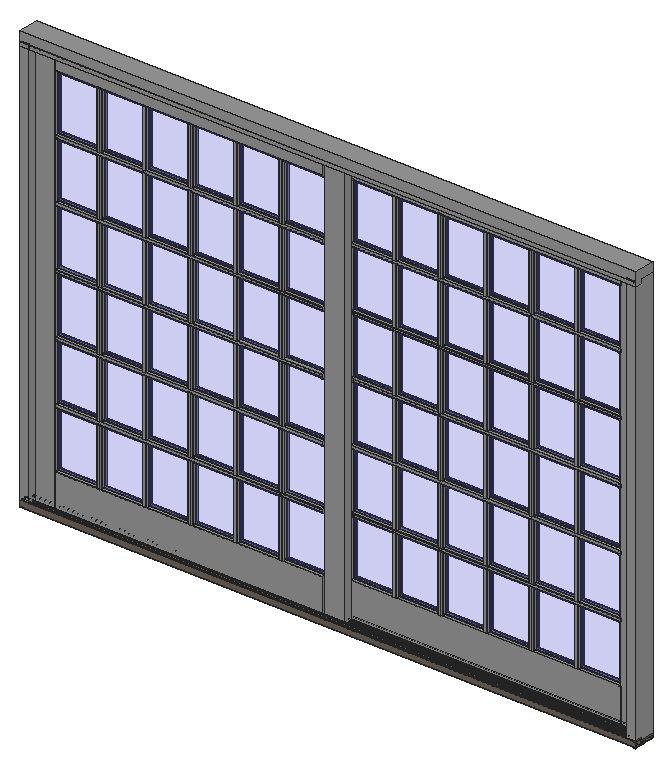
Revit family "VSDA3.0SP RH", category Doors, host Wall, Revit 2015
Parameters (values of type "VSDA3.0SP RH")
  Function = Interior
  Frame Projection Ext. = 25 mm
  Frame Projection Int. = 25 mm
  Frame Width = 75 mm
  Height = 2100 mm
  Wall Closure = By host
  Width = 3030 mm
Reference planes
  plane 1: y = 0
  plane 2 "Center (Left/Right)": x = 0
  plane 3 "Left": x = -1515
  plane 4 "Right": x = 1515
  plane 5: z = 2100
  plane 6 "Exterior": y = 75
  plane 7 "Interior": y = -75
Forms (mm)
  Extrusion 1, solid, material "Aluminium Cill (Bronze)"
    sketch origin (0, 79.18, -119.746) x (0, 1, 0) y (0, 0, 1)
      loop
        line (-26.68, 120.746) -> (-26.68, 135.746)
        arc (-26.68, 135.746) -> (-27.558, 137.867) -> (-29.68, 138.746) r 3
        line (-29.68, 138.746) -> (-40.947, 138.746)
        arc (-40.947, 138.746) -> (-42.68, 137.746) -> (-44.412, 138.746) r 2
        line (-44.412, 138.746) -> (-48.947, 138.746)
        arc (-48.947, 138.746) -> (-50.68, 137.746) -> (-52.412, 138.746) r 2
        line (-52.412, 138.746) -> (-56.947, 138.746)
        arc (-56.947, 138.746) -> (-58.68, 137.746) -> (-60.412, 138.746) r 2
        line (-60.412, 138.746) -> (-67.18, 138.746) -> (-67.18, 135.246)
        arc (-67.18, 135.246) -> (-67.619, 134.185) -> (-68.68, 133.746) r 1.5
        line (-68.68, 133.746) -> (-73.43, 133.746) -> (-73.43, 135.746) -> (-71.996, 135.746)
        arc (-71.996, 135.746) -> (-74.68, 138.746) -> (-77.363, 135.746) r 2.7
        line (-77.363, 135.746) -> (-75.93, 135.746) -> (-75.93, 133.746) -> (-80.68, 133.746)
        arc (-80.68, 133.746) -> (-81.74, 134.185) -> (-82.18, 135.246) r 1.5
        line (-82.18, 135.246) -> (-82.18, 138.746) -> (-90.432, 138.746) -> (-98.68, 138.746) -> (-98.68, 143.746)
        arc (-98.68, 143.746) -> (-99.18, 144.246) -> (-99.68, 143.746) r 0.5
        line (-99.68, 143.746) -> (-99.68, 142.734) -> (-100.88, 142.734) -> (-100.88, 150.246) -> (-99.68, 150.246) -> (-99.68, 149.246)
        arc (-99.68, 149.246) -> (-99.18, 148.746) -> (-98.68, 149.246) r 0.5
        line (-98.68, 149.246) -> (-98.68, 150.746)
        arc (-98.68, 150.746) -> (-98.972, 151.453) -> (-99.68, 151.746) r 1
        line (-99.68, 151.746) -> (-109.447, 151.746)
        arc (-109.447, 151.746) -> (-111.18, 150.746) -> (-112.912, 151.746) r 2
        line (-112.912, 151.746) -> (-117.447, 151.746)
        arc (-117.447, 151.746) -> (-119.18, 150.746) -> (-120.912, 151.746) r 2
        line (-120.912, 151.746) -> (-130.68, 151.746)
        arc (-130.68, 151.746) -> (-131.387, 151.453) -> (-131.68, 150.746) r 1
        line (-131.68, 150.746) -> (-131.68, 120.746)
        arc (-131.68, 120.746) -> (-131.387, 120.039) -> (-130.68, 119.746) r 1
        line (-130.68, 119.746) -> (-27.68, 119.746)
        arc (-27.68, 119.746) -> (-26.972, 120.039) -> (-26.68, 120.746) r 1
      loop
        line (-29.68, 137.246) -> (-40.23, 137.246)
        arc (-40.23, 137.246) -> (-42.68, 136.246) -> (-45.129, 137.246) r 3.5
        line (-45.129, 137.246) -> (-48.23, 137.246)
        arc (-48.23, 137.246) -> (-50.68, 136.246) -> (-53.129, 137.246) r 3.5
        line (-53.129, 137.246) -> (-56.23, 137.246)
        arc (-56.23, 137.246) -> (-58.68, 136.246) -> (-61.129, 137.246) r 3.5
        line (-61.129, 137.246) -> (-65.68, 137.246) -> (-65.68, 135.246)
        arc (-65.68, 135.246) -> (-66.558, 133.125) -> (-68.68, 132.246) r 3
        line (-68.68, 132.246) -> (-73.93, 132.246) -> (-73.93, 121.246) -> (-28.18, 121.246) -> (-28.18, 135.746)
        arc (-28.18, 135.746) -> (-28.619, 136.807) -> (-29.68, 137.246) r 1.5
      loop
        line (-75.43, 132.246) -> (-80.68, 132.246)
        arc (-80.68, 132.246) -> (-82.801, 133.125) -> (-83.68, 135.246) r 3
        line (-83.68, 135.246) -> (-83.68, 137.246) -> (-98.68, 137.246) -> (-98.68, 121.246) -> (-75.43, 121.246) -> (-75.43, 132.246)
      loop
        line (-100.18, 121.246) -> (-100.18, 141.246) -> (-102.38, 141.246) -> (-102.38, 150.246) -> (-108.73, 150.246)
        arc (-108.73, 150.246) -> (-111.18, 149.246) -> (-113.629, 150.246) r 3.5
        line (-113.629, 150.246) -> (-116.73, 150.246)
        arc (-116.73, 150.246) -> (-119.18, 149.246) -> (-121.629, 150.246) r 3.5
        line (-121.629, 150.246) -> (-130.18, 150.246) -> (-130.18, 121.246) -> (-100.18, 121.246)
    from -1515 to 1515
  Extrusion 2, solid, material "Lauan, Meranti"
    sketch origin (0, 0, 0) x (0, 1, 0) y (0, 0, 1)
      loop
        line (52.5, 2100) -> (-52.5, 2100) -> (-52.5, 2055) -> (-49.5, 2055) -> (-49.5, 2052) -> (-52.5, 2052) -> (-52.5, 2035) -> (-20.5, 2035) -> (-20.5, 2038.5) -> (-27.5, 2038.5) -> (-27.5, 2041.5) -> (-20.5, 2041.5) -> (-20.5, 2055) -> (32.5, 2055) -> (32.5, 2057) -> (52.5, 2057) -> (52.5, 2100)
    from -1515 to 1515
  Extrusion 3, solid, material "Lauan, Meranti"
    sketch origin (0, 0, 0) x (1, 0, 0) y (0, 1, 0)
      loop
        line (-1515, 52.5) -> (-1515, -52.5) -> (-1470, -52.5) -> (-1470, 32.5) -> (-1472, 32.5) -> (-1472, 52.5) -> (-1515, 52.5)
      loop
        line (1515, 52.5) -> (1472, 52.5) -> (1472, 32.5) -> (1470, 32.5) -> (1470, -52.5) -> (1515, -52.5) -> (1515, 52.5)
    from 32 to 2057
  Extrusion 4, solid, material "Lauan, Meranti"
    sketch origin (0, 0, 0) x (1, 0, 0) y (0, 1, 0)
      loop
        line (-1450, 32.5) -> (-1450, 52.5) -> (-1469, 52.5) -> (-1469, 49.5) -> (-1472, 49.5) -> (-1472, 32.5) -> (-1456.5, 32.5) -> (-1456.5, 39.5) -> (-1453.5, 39.5) -> (-1453.5, 32.5) -> (-1450, 32.5)
    from 2035 to 19
  Extrusion 5, solid, material "Lauan, Meranti"
    sketch origin (0, 0, 0) x (1, 0, 0) y (0, 1, 0)
      loop
        line (-1515, 52.5) -> (-1515, -19.5) -> (-1470, -19.5) -> (-1470, 32.5) -> (-1472, 32.5) -> (-1472, 52.5) -> (-1515, 52.5)
      loop
        line (1515, 52.5) -> (1472, 52.5) -> (1472, 32.5) -> (1470, 32.5) -> (1470, -19.5) -> (1515, -19.5) -> (1515, 52.5)
    from 19 to 32
  Extrusion 6, solid, material "Lauan, Meranti"
    sketch origin (280, 0, 0) x (0, 1, 0) y (0, 0, 1)
      loop
        line (52.5, 2054) -> (49.5, 2054) -> (49.5, 2057) -> (32.5, 2057) -> (32.5, 2041.5) -> (39.5, 2041.5) -> (39.5, 2038.5) -> (32.5, 2038.5) -> (32.5, 2035) -> (52.5, 2035) -> (52.5, 2054)
    from -1752 to -332.5
  Extrusion 7, solid, material "Lauan, Meranti"
    sketch origin (0, 148.121, 19) x (1, 0, 0) y (0, 1, 0)
      loop
        line (-43.5, -163.621) -> (52.5, -163.621) -> (52.5, -123.621) -> (-43.5, -123.621) -> (-43.5, -153.621) -> (-52.5, -153.621) -> (-52.5, -155.621) -> (-50.5, -155.621)
        arc (-50.5, -155.621) -> (-48.235, -160.061) -> (-43.5, -161.621) r 6.549
        line (-43.5, -161.621) -> (-43.5, -163.621)
      loop
        line (43.5, -117.121) -> (43.5, -115.121)
        arc (43.5, -115.121) -> (48.235, -113.561) -> (50.5, -109.121) r 6.549
        line (50.5, -109.121) -> (52.5, -109.121) -> (52.5, -107.121) -> (43.5, -107.121) -> (43.5, -77.121) -> (-52.5, -77.121) -> (-52.5, -117.121) -> (43.5, -117.121)
      loop
        line (-1374, -163.621) -> (-1374, -161.621)
        arc (-1374, -161.621) -> (-1369.265, -160.061) -> (-1367, -155.621) r 6.549
        line (-1367, -155.621) -> (-1365, -155.621) -> (-1365, -153.621) -> (-1374, -153.621) -> (-1374, -123.621) -> (-1470, -123.621) -> (-1470, -163.621) -> (-1374, -163.621)
      loop
        line (1374, -117.121) -> (1470, -117.121) -> (1470, -77.121) -> (1374, -77.121) -> (1374, -107.121) -> (1365, -107.121) -> (1365, -109.121) -> (1367, -109.121)
        arc (1367, -109.121) -> (1369.265, -113.561) -> (1374, -115.121) r 6.549
        line (1374, -115.121) -> (1374, -117.121)
    from 0 to 2036
  Extrusion 8, solid, material "Lauan, Meranti"
    sketch origin (1625, 46.5, 0) x (0, 1, 0) y (0, 0, 1)
      loop
        line (-15.5, 190) -> (-15.5, 19) -> (24.5, 19) -> (24.5, 190) -> (-5.5, 190) -> (-5.5, 199) -> (-7.5, 199) -> (-7.5, 197)
        arc (-7.5, 197) -> (-11.866, 194.67) -> (-13.5, 190) r 6.807
        line (-13.5, 190) -> (-15.5, 190)
      loop
        line (-7.5, 1952) -> (-7.5, 1950) -> (-5.5, 1950) -> (-5.5, 1959) -> (24.5, 1959) -> (24.5, 2055) -> (-15.5, 2055) -> (-15.5, 1959) -> (-13.5, 1959)
        arc (-13.5, 1959) -> (-11.866, 1954.33) -> (-7.5, 1952) r 6.807
      loop
        line (-15.5, 1675) -> (-15.5, 1662) -> (-13.5, 1662)
        arc (-13.5, 1662) -> (-11.866, 1657.33) -> (-7.5, 1655) r 6.807
        line (-7.5, 1655) -> (-7.5, 1653) -> (-5.5, 1653) -> (-5.5, 1662) -> (24.5, 1662) -> (24.5, 1675) -> (-5.5, 1675) -> (-5.5, 1684) -> (-7.5, 1684) -> (-7.5, 1682)
        arc (-7.5, 1682) -> (-11.866, 1679.67) -> (-13.5, 1675) r 6.807
        line (-13.5, 1675) -> (-15.5, 1675)
      loop
        line (-15.5, 1378) -> (-15.5, 1365) -> (-13.5, 1365)
        arc (-13.5, 1365) -> (-11.866, 1360.33) -> (-7.5, 1358) r 6.807
        line (-7.5, 1358) -> (-7.5, 1356) -> (-5.5, 1356) -> (-5.5, 1365) -> (24.5, 1365) -> (24.5, 1378) -> (-5.5, 1378) -> (-5.5, 1387) -> (-7.5, 1387) -> (-7.5, 1385)
        arc (-7.5, 1385) -> (-11.866, 1382.67) -> (-13.5, 1378) r 6.807
        line (-13.5, 1378) -> (-15.5, 1378)
      loop
        line (-15.5, 1081) -> (-15.5, 1068) -> (-13.5, 1068)
        arc (-13.5, 1068) -> (-11.866, 1063.33) -> (-7.5, 1061) r 6.807
        line (-7.5, 1061) -> (-7.5, 1059) -> (-5.5, 1059) -> (-5.5, 1068) -> (24.5, 1068) -> (24.5, 1081) -> (-5.5, 1081) -> (-5.5, 1090) -> (-7.5, 1090) -> (-7.5, 1088)
        arc (-7.5, 1088) -> (-11.866, 1085.67) -> (-13.5, 1081) r 6.807
        line (-13.5, 1081) -> (-15.5, 1081)
      loop
        line (-15.5, 784) -> (-15.5, 771) -> (-13.5, 771)
        arc (-13.5, 771) -> (-11.866, 766.33) -> (-7.5, 764) r 6.807
        line (-7.5, 764) -> (-7.5, 762) -> (-5.5, 762) -> (-5.5, 771) -> (24.5, 771) -> (24.5, 784) -> (-5.5, 784) -> (-5.5, 793) -> (-7.5, 793) -> (-7.5, 791)
        arc (-7.5, 791) -> (-11.866, 788.67) -> (-13.5, 784) r 6.807
        line (-13.5, 784) -> (-15.5, 784)
      loop
        line (-15.5, 487) -> (-15.5, 474) -> (-13.5, 474)
        arc (-13.5, 474) -> (-11.866, 469.33) -> (-7.5, 467) r 6.807
        line (-7.5, 467) -> (-7.5, 465) -> (-5.5, 465) -> (-5.5, 474) -> (24.5, 474) -> (24.5, 487) -> (-5.5, 487) -> (-5.5, 496) -> (-7.5, 496) -> (-7.5, 494)
        arc (-7.5, 494) -> (-11.866, 491.67) -> (-13.5, 487) r 6.807
        line (-13.5, 487) -> (-15.5, 487)
    from -1581.5 to -251
  Sweep 9, solid, material "Lauan, Meranti"
    path origin (860.605, -75, -781.763) x (1, 0, 0) y (0, 0, 1)
      loop
        line (302.475, 2740.763) -> (302.475, 2456.763) -> (513.395, 2456.763) -> (513.395, 2740.763) -> (302.475, 2740.763)
    profile origin (1268.54, -75, 1959) x (0, 0, 1) y (0, -1, 0)
      loop
        line (-9, -124.5) -> (-9, -126.5) -> (-7, -126.5)
        arc (-7, -126.5) -> (-4.67, -130.866) -> (0, -132.5) r 6.807
        line (0, -132.5) -> (0, -124.5) -> (-9, -124.5)
  Extrusion 10, solid, material "Glass"
    sketch origin (1133.125, -64.05, -73.649) x (1, 0, 0) y (0, 0, 1)
      loop
        line (240.875, 2032.649) -> (29.955, 2032.649) -> (29.955, 1748.649) -> (240.875, 1748.649) -> (240.875, 2032.649)
      loop
        line (16.955, 2032.649) -> (-193.965, 2032.649) -> (-193.965, 1748.649) -> (16.955, 1748.649) -> (16.955, 2032.649)
      loop
        line (-206.965, 2032.649) -> (-417.885, 2032.649) -> (-417.885, 1748.649) -> (-206.965, 1748.649) -> (-206.965, 2032.649)
      loop
        line (-430.885, 2032.649) -> (-641.805, 2032.649) -> (-641.805, 1748.649) -> (-430.885, 1748.649) -> (-430.885, 2032.649)
      loop
        line (-654.805, 2032.649) -> (-865.725, 2032.649) -> (-865.725, 1748.649) -> (-654.805, 1748.649) -> (-654.805, 2032.649)
      loop
        line (-878.725, 2032.649) -> (-1089.625, 2032.649) -> (-1089.625, 1748.649) -> (-878.725, 1748.649) -> (-878.725, 2032.649)
      loop
        line (240.875, 1735.649) -> (29.955, 1735.649) -> (29.955, 1451.649) -> (240.875, 1451.649) -> (240.875, 1735.649)
      loop
        line (16.955, 1735.649) -> (-193.965, 1735.649) -> (-193.965, 1451.649) -> (16.955, 1451.649) -> (16.955, 1735.649)
      loop
        line (-206.965, 1735.649) -> (-417.885, 1735.649) -> (-417.885, 1451.649) -> (-206.965, 1451.649) -> (-206.965, 1735.649)
      loop
        line (-430.885, 1735.649) -> (-641.805, 1735.649) -> (-641.805, 1451.649) -> (-430.885, 1451.649) -> (-430.885, 1735.649)
      loop
        line (-654.805, 1735.649) -> (-865.725, 1735.649) -> (-865.725, 1451.649) -> (-654.805, 1451.649) -> (-654.805, 1735.649)
      loop
        line (-878.725, 1735.649) -> (-1089.625, 1735.649) -> (-1089.625, 1451.649) -> (-878.725, 1451.649) -> (-878.725, 1735.649)
      loop
        line (240.875, 1438.649) -> (29.955, 1438.649) -> (29.955, 1154.649) -> (240.875, 1154.649) -> (240.875, 1438.649)
      loop
        line (16.955, 1438.649) -> (-193.965, 1438.649) -> (-193.965, 1154.649) -> (16.955, 1154.649) -> (16.955, 1438.649)
      loop
        line (-206.965, 1438.649) -> (-417.885, 1438.649) -> (-417.885, 1154.649) -> (-206.965, 1154.649) -> (-206.965, 1438.649)
      loop
        line (-430.885, 1438.649) -> (-641.805, 1438.649) -> (-641.805, 1154.649) -> (-430.885, 1154.649) -> (-430.885, 1438.649)
      loop
        line (-654.805, 1438.649) -> (-865.725, 1438.649) -> (-865.725, 1154.649) -> (-654.805, 1154.649) -> (-654.805, 1438.649)
      loop
        line (-878.725, 1438.649) -> (-1089.625, 1438.649) -> (-1089.625, 1154.649) -> (-878.725, 1154.649) -> (-878.725, 1438.649)
      loop
        line (240.875, 1141.649) -> (29.955, 1141.649) -> (29.955, 857.649) -> (240.875, 857.649) -> (240.875, 1141.649)
      loop
        line (16.955, 1141.649) -> (-193.965, 1141.649) -> (-193.965, 857.649) -> (16.955, 857.649) -> (16.955, 1141.649)
      loop
        line (-206.965, 1141.649) -> (-417.885, 1141.649) -> (-417.885, 857.649) -> (-206.965, 857.649) -> (-206.965, 1141.649)
      loop
        line (-430.885, 1141.649) -> (-641.805, 1141.649) -> (-641.805, 857.649) -> (-430.885, 857.649) -> (-430.885, 1141.649)
      loop
        line (-654.805, 1141.649) -> (-865.725, 1141.649) -> (-865.725, 857.649) -> (-654.805, 857.649) -> (-654.805, 1141.649)
      loop
        line (-878.725, 1141.649) -> (-1089.625, 1141.649) -> (-1089.625, 857.649) -> (-878.725, 857.649) -> (-878.725, 1141.649)
      loop
        line (240.875, 844.649) -> (29.955, 844.649) -> (29.955, 560.649) -> (240.875, 560.649) -> (240.875, 844.649)
      loop
        line (16.955, 844.649) -> (-193.965, 844.649) -> (-193.965, 560.649) -> (16.955, 560.649) -> (16.955, 844.649)
      loop
        line (-206.965, 844.649) -> (-417.885, 844.649) -> (-417.885, 560.649) -> (-206.965, 560.649) -> (-206.965, 844.649)
      loop
        line (-430.885, 844.649) -> (-641.805, 844.649) -> (-641.805, 560.649) -> (-430.885, 560.649) -> (-430.885, 844.649)
      loop
        line (-654.805, 844.649) -> (-865.725, 844.649) -> (-865.725, 560.649) -> (-654.805, 560.649) -> (-654.805, 844.649)
      loop
        line (-878.725, 844.649) -> (-1089.625, 844.649) -> (-1089.625, 560.649) -> (-878.725, 560.649) -> (-878.725, 844.649)
      loop
        line (240.875, 547.649) -> (29.955, 547.649) -> (29.955, 263.649) -> (240.875, 263.649) -> (240.875, 547.649)
      loop
        line (16.955, 547.649) -> (-193.965, 547.649) -> (-193.965, 263.649) -> (16.955, 263.649) -> (16.955, 547.649)
      loop
        line (-206.965, 547.649) -> (-417.885, 547.649) -> (-417.885, 263.649) -> (-206.965, 263.649) -> (-206.965, 547.649)
      loop
        line (-430.885, 547.649) -> (-641.805, 547.649) -> (-641.805, 263.649) -> (-430.885, 263.649) -> (-430.885, 547.649)
      loop
        line (-654.805, 547.649) -> (-865.725, 547.649) -> (-865.725, 263.649) -> (-654.805, 263.649) -> (-654.805, 547.649)
      loop
        line (-878.725, 547.649) -> (-1089.625, 547.649) -> (-1089.625, 263.649) -> (-878.725, 263.649) -> (-878.725, 547.649)
    from -112.5 to -106.1
  Extrusion 11, solid, material "Lauan, Meranti"
    sketch origin (605, 0, 0) x (1, 0, 0) y (0, 1, 0)
      loop
        line (545.08, 31) -> (558.08, 31) -> (558.08, 33)
        arc (558.08, 33) -> (562.75, 34.634) -> (565.08, 39) r 6.807
        line (565.08, 39) -> (567.08, 39) -> (567.08, 41) -> (558.08, 41) -> (558.08, 71) -> (545.08, 71) -> (545.08, 41) -> (536.08, 41) -> (536.08, 39) -> (538.08, 39)
        arc (538.08, 39) -> (540.41, 34.634) -> (545.08, 33) r 6.807
        line (545.08, 33) -> (545.08, 31)
      loop
        line (321.16, 31) -> (334.16, 31) -> (334.16, 33)
        arc (334.16, 33) -> (338.83, 34.634) -> (341.16, 39) r 6.807
        line (341.16, 39) -> (343.16, 39) -> (343.16, 41) -> (334.16, 41) -> (334.16, 71) -> (321.16, 71) -> (321.16, 41) -> (312.16, 41) -> (312.16, 39) -> (314.16, 39)
        arc (314.16, 39) -> (316.49, 34.634) -> (321.16, 33) r 6.807
        line (321.16, 33) -> (321.16, 31)
      loop
        line (97.24, 31) -> (110.24, 31) -> (110.24, 33)
        arc (110.24, 33) -> (114.91, 34.634) -> (117.24, 39) r 6.807
        line (117.24, 39) -> (119.24, 39) -> (119.24, 41) -> (110.24, 41) -> (110.24, 71) -> (97.24, 71) -> (97.24, 41) -> (88.24, 41) -> (88.24, 39) -> (90.24, 39)
        arc (90.24, 39) -> (92.57, 34.634) -> (97.24, 33) r 6.807
        line (97.24, 33) -> (97.24, 31)
      loop
        line (-126.68, 31) -> (-113.68, 31) -> (-113.68, 33)
        arc (-113.68, 33) -> (-109.01, 34.634) -> (-106.68, 39) r 6.807
        line (-106.68, 39) -> (-104.68, 39) -> (-104.68, 41) -> (-113.68, 41) -> (-113.68, 71) -> (-126.68, 71) -> (-126.68, 41) -> (-135.68, 41) -> (-135.68, 39) -> (-133.68, 39)
        arc (-133.68, 39) -> (-131.35, 34.634) -> (-126.68, 33) r 6.807
        line (-126.68, 33) -> (-126.68, 31)
      loop
        line (-350.6, 31) -> (-337.6, 31) -> (-337.6, 33)
        arc (-337.6, 33) -> (-332.93, 34.634) -> (-330.6, 39) r 6.807
        line (-330.6, 39) -> (-328.6, 39) -> (-328.6, 41) -> (-337.6, 41) -> (-337.6, 71) -> (-350.6, 71) -> (-350.6, 41) -> (-359.6, 41) -> (-359.6, 39) -> (-357.6, 39)
        arc (-357.6, 39) -> (-355.27, 34.634) -> (-350.6, 33) r 6.807
        line (-350.6, 33) -> (-350.6, 31)
    from 1675 to 1959
  Extrusion 12, solid, material "Lauan, Meranti"
    sketch origin (-605, 0, 0) x (0, 1, 0) y (0, 0, 1)
      loop
        line (-15.5, 190) -> (-15.5, 19) -> (24.5, 19) -> (24.5, 190) -> (-5.5, 190) -> (-5.5, 199) -> (-7.5, 199) -> (-7.5, 197)
        arc (-7.5, 197) -> (-11.866, 194.67) -> (-13.5, 190) r 6.807
        line (-13.5, 190) -> (-15.5, 190)
      loop
        line (-7.5, 1952) -> (-7.5, 1950) -> (-5.5, 1950) -> (-5.5, 1959) -> (24.5, 1959) -> (24.5, 2055) -> (-15.5, 2055) -> (-15.5, 1959) -> (-13.5, 1959)
        arc (-13.5, 1959) -> (-11.866, 1954.33) -> (-7.5, 1952) r 6.807
      loop
        line (-15.5, 1675) -> (-15.5, 1662) -> (-13.5, 1662)
        arc (-13.5, 1662) -> (-11.866, 1657.33) -> (-7.5, 1655) r 6.807
        line (-7.5, 1655) -> (-7.5, 1653) -> (-5.5, 1653) -> (-5.5, 1662) -> (24.5, 1662) -> (24.5, 1675) -> (-5.5, 1675) -> (-5.5, 1684) -> (-7.5, 1684) -> (-7.5, 1682)
        arc (-7.5, 1682) -> (-11.866, 1679.67) -> (-13.5, 1675) r 6.807
        line (-13.5, 1675) -> (-15.5, 1675)
      loop
        line (-15.5, 1378) -> (-15.5, 1365) -> (-13.5, 1365)
        arc (-13.5, 1365) -> (-11.866, 1360.33) -> (-7.5, 1358) r 6.807
        line (-7.5, 1358) -> (-7.5, 1356) -> (-5.5, 1356) -> (-5.5, 1365) -> (24.5, 1365) -> (24.5, 1378) -> (-5.5, 1378) -> (-5.5, 1387) -> (-7.5, 1387) -> (-7.5, 1385)
        arc (-7.5, 1385) -> (-11.866, 1382.67) -> (-13.5, 1378) r 6.807
        line (-13.5, 1378) -> (-15.5, 1378)
      loop
        line (-15.5, 1081) -> (-15.5, 1068) -> (-13.5, 1068)
        arc (-13.5, 1068) -> (-11.866, 1063.33) -> (-7.5, 1061) r 6.807
        line (-7.5, 1061) -> (-7.5, 1059) -> (-5.5, 1059) -> (-5.5, 1068) -> (24.5, 1068) -> (24.5, 1081) -> (-5.5, 1081) -> (-5.5, 1090) -> (-7.5, 1090) -> (-7.5, 1088)
        arc (-7.5, 1088) -> (-11.866, 1085.67) -> (-13.5, 1081) r 6.807
        line (-13.5, 1081) -> (-15.5, 1081)
      loop
        line (-15.5, 784) -> (-15.5, 771) -> (-13.5, 771)
        arc (-13.5, 771) -> (-11.866, 766.33) -> (-7.5, 764) r 6.807
        line (-7.5, 764) -> (-7.5, 762) -> (-5.5, 762) -> (-5.5, 771) -> (24.5, 771) -> (24.5, 784) -> (-5.5, 784) -> (-5.5, 793) -> (-7.5, 793) -> (-7.5, 791)
        arc (-7.5, 791) -> (-11.866, 788.67) -> (-13.5, 784) r 6.807
        line (-13.5, 784) -> (-15.5, 784)
      loop
        line (-15.5, 487) -> (-15.5, 474) -> (-13.5, 474)
        arc (-13.5, 474) -> (-11.866, 469.33) -> (-7.5, 467) r 6.807
        line (-7.5, 467) -> (-7.5, 465) -> (-5.5, 465) -> (-5.5, 474) -> (24.5, 474) -> (24.5, 487) -> (-5.5, 487) -> (-5.5, 496) -> (-7.5, 496) -> (-7.5, 494)
        arc (-7.5, 494) -> (-11.866, 491.67) -> (-13.5, 487) r 6.807
        line (-13.5, 487) -> (-15.5, 487)
    from -769 to 552.5
  Extrusion 13, solid, material "Glass"
    sketch origin (-889.375, -110.55, -73.649) x (1, 0, 0) y (0, 0, 1)
      loop
        line (-273.705, 2032.649) -> (-484.625, 2032.649) -> (-484.625, 1748.649) -> (-273.705, 1748.649) -> (-273.705, 2032.649)
      loop
        line (-273.705, 1735.649) -> (-484.615, 1735.649) -> (-484.615, 1451.661) -> (-273.705, 1451.661) -> (-273.705, 1735.649)
      loop
        line (-273.705, 1438.649) -> (-484.625, 1438.649) -> (-484.625, 1154.649) -> (-273.705, 1154.649) -> (-273.705, 1438.649)
      loop
        line (-273.705, 1141.649) -> (-484.615, 1141.649) -> (-484.615, 857.661) -> (-273.705, 857.661) -> (-273.705, 1141.649)
      loop
        line (-273.705, 844.649) -> (-484.615, 844.649) -> (-484.615, 560.661) -> (-273.705, 560.661) -> (-273.705, 844.649)
      loop
        line (-273.705, 547.649) -> (-484.625, 547.649) -> (-484.625, 263.649) -> (-273.705, 263.649) -> (-273.705, 547.649)
      loop
        line (-49.785, 2032.649) -> (-260.705, 2032.649) -> (-260.705, 1748.649) -> (-49.785, 1748.649) -> (-49.785, 2032.649)
      loop
        line (-49.785, 1735.649) -> (-260.695, 1735.649) -> (-260.695, 1451.661) -> (-49.785, 1451.661) -> (-49.785, 1735.649)
      loop
        line (-49.785, 1438.649) -> (-260.705, 1438.649) -> (-260.705, 1154.649) -> (-49.785, 1154.649) -> (-49.785, 1438.649)
      loop
        line (-49.785, 1141.649) -> (-260.695, 1141.649) -> (-260.695, 857.661) -> (-49.785, 857.661) -> (-49.785, 1141.649)
      loop
        line (-49.785, 844.649) -> (-260.695, 844.649) -> (-260.695, 560.661) -> (-49.785, 560.661) -> (-49.785, 844.649)
      loop
        line (-49.785, 547.649) -> (-260.705, 547.649) -> (-260.705, 263.649) -> (-49.785, 263.649) -> (-49.785, 547.649)
      loop
        line (174.135, 2032.649) -> (-36.785, 2032.649) -> (-36.785, 1748.649) -> (174.135, 1748.649) -> (174.135, 2032.649)
      loop
        line (174.135, 1735.649) -> (-36.775, 1735.649) -> (-36.775, 1451.661) -> (174.135, 1451.661) -> (174.135, 1735.649)
      loop
        line (174.135, 1438.649) -> (-36.785, 1438.649) -> (-36.785, 1154.649) -> (174.135, 1154.649) -> (174.135, 1438.649)
      loop
        line (174.135, 1141.649) -> (-36.775, 1141.649) -> (-36.775, 857.661) -> (174.135, 857.661) -> (174.135, 1141.649)
      loop
        line (174.135, 844.649) -> (-36.775, 844.649) -> (-36.775, 560.661) -> (174.135, 560.661) -> (174.135, 844.649)
      loop
        line (174.135, 547.649) -> (-36.785, 547.649) -> (-36.785, 263.649) -> (174.135, 263.649) -> (174.135, 547.649)
      loop
        line (398.055, 2032.649) -> (187.135, 2032.649) -> (187.135, 1748.649) -> (398.055, 1748.649) -> (398.055, 2032.649)
      loop
        line (398.055, 1735.649) -> (187.145, 1735.649) -> (187.145, 1451.661) -> (398.055, 1451.661) -> (398.055, 1735.649)
      loop
        line (398.055, 1438.649) -> (187.135, 1438.649) -> (187.135, 1154.649) -> (398.055, 1154.649) -> (398.055, 1438.649)
      loop
        line (398.055, 1141.649) -> (187.145, 1141.649) -> (187.145, 857.661) -> (398.055, 857.661) -> (398.055, 1141.649)
      loop
        line (398.055, 844.649) -> (187.145, 844.649) -> (187.145, 560.661) -> (398.055, 560.661) -> (398.055, 844.649)
      loop
        line (398.055, 547.649) -> (187.135, 547.649) -> (187.135, 263.649) -> (398.055, 263.649) -> (398.055, 547.649)
      loop
        line (621.975, 2032.649) -> (411.055, 2032.649) -> (411.055, 1748.649) -> (621.975, 1748.649) -> (621.975, 2032.649)
      loop
        line (621.975, 1735.649) -> (411.065, 1735.649) -> (411.065, 1451.661) -> (621.975, 1451.661) -> (621.975, 1735.649)
      loop
        line (621.975, 1438.649) -> (411.055, 1438.649) -> (411.055, 1154.649) -> (621.975, 1154.649) -> (621.975, 1438.649)
      loop
        line (621.975, 1141.649) -> (411.065, 1141.649) -> (411.065, 857.661) -> (621.975, 857.661) -> (621.975, 1141.649)
      loop
        line (621.975, 844.649) -> (411.065, 844.649) -> (411.065, 560.661) -> (621.975, 560.661) -> (621.975, 844.649)
      loop
        line (621.975, 547.649) -> (411.055, 547.649) -> (411.055, 263.649) -> (621.975, 263.649) -> (621.975, 547.649)
      loop
        line (845.895, 2032.649) -> (634.975, 2032.649) -> (634.975, 1748.649) -> (845.895, 1748.649) -> (845.895, 2032.649)
      loop
        line (845.895, 1735.649) -> (634.985, 1735.649) -> (634.985, 1451.661) -> (845.895, 1451.661) -> (845.895, 1735.649)
      loop
        line (845.895, 1438.649) -> (634.975, 1438.649) -> (634.975, 1154.649) -> (845.895, 1154.649) -> (845.895, 1438.649)
      loop
        line (845.895, 1141.649) -> (634.985, 1141.649) -> (634.985, 857.661) -> (845.895, 857.661) -> (845.895, 1141.649)
      loop
        line (845.895, 844.649) -> (634.985, 844.649) -> (634.985, 560.661) -> (845.895, 560.661) -> (845.895, 844.649)
      loop
        line (845.895, 547.649) -> (634.975, 547.649) -> (634.975, 263.649) -> (845.895, 263.649) -> (845.895, 547.649)
    from -112.5 to -106.1
  Extrusion 14, solid, material "Lauan, Meranti"
    sketch origin (-1417.5, -46.5, 0) x (1, 0, 0) y (0, 1, 0)
      loop
        line (267.42, 31) -> (267.42, 33)
        arc (267.42, 33) -> (272.09, 34.634) -> (274.42, 39) r 6.807
        line (274.42, 39) -> (276.42, 39) -> (276.42, 41) -> (267.42, 41) -> (267.42, 71) -> (254.42, 71) -> (254.42, 41) -> (245.42, 41) -> (245.42, 39) -> (247.42, 39)
        arc (247.42, 39) -> (249.75, 34.634) -> (254.42, 33) r 6.807
        line (254.42, 33) -> (254.42, 31) -> (267.42, 31)
      loop
        line (491.34, 31) -> (491.34, 33)
        arc (491.34, 33) -> (496.01, 34.634) -> (498.34, 39) r 6.807
        line (498.34, 39) -> (500.34, 39) -> (500.34, 41) -> (491.34, 41) -> (491.34, 71) -> (478.34, 71) -> (478.34, 41) -> (469.34, 41) -> (469.34, 39) -> (471.34, 39)
        arc (471.34, 39) -> (473.67, 34.634) -> (478.34, 33) r 6.807
        line (478.34, 33) -> (478.34, 31) -> (491.34, 31)
      loop
        line (715.26, 31) -> (715.26, 33)
        arc (715.26, 33) -> (719.93, 34.634) -> (722.26, 39) r 6.807
        line (722.26, 39) -> (724.26, 39) -> (724.26, 41) -> (715.26, 41) -> (715.26, 71) -> (702.26, 71) -> (702.26, 41) -> (693.26, 41) -> (693.26, 39) -> (695.26, 39)
        arc (695.26, 39) -> (697.59, 34.634) -> (702.26, 33) r 6.807
        line (702.26, 33) -> (702.26, 31) -> (715.26, 31)
      loop
        line (939.18, 31) -> (939.18, 33)
        arc (939.18, 33) -> (943.85, 34.634) -> (946.18, 39) r 6.807
        line (946.18, 39) -> (948.18, 39) -> (948.18, 41) -> (939.18, 41) -> (939.18, 71) -> (926.18, 71) -> (926.18, 41) -> (917.18, 41) -> (917.18, 39) -> (919.18, 39)
        arc (919.18, 39) -> (921.51, 34.634) -> (926.18, 33) r 6.807
        line (926.18, 33) -> (926.18, 31) -> (939.18, 31)
      loop
        line (1163.1, 31) -> (1163.1, 33)
        arc (1163.1, 33) -> (1167.77, 34.634) -> (1170.1, 39) r 6.807
        line (1170.1, 39) -> (1172.1, 39) -> (1172.1, 41) -> (1163.1, 41) -> (1163.1, 71) -> (1150.1, 71) -> (1150.1, 41) -> (1141.1, 41) -> (1141.1, 39) -> (1143.1, 39)
        arc (1143.1, 39) -> (1145.43, 34.634) -> (1150.1, 33) r 6.807
        line (1150.1, 33) -> (1150.1, 31) -> (1163.1, 31)
    from 1675 to 1959
  Sweep 15, solid, material "Lauan, Meranti"
    path origin (-1654.228, -121.5, -781.763) x (1, 0, 0) y (0, 0, 1)
      loop
        line (280.228, 2740.763) -> (280.228, 2456.763) -> (491.148, 2456.763) -> (491.148, 2740.763) -> (280.228, 2740.763)
    profile origin (-1268.54, -121.5, 1959) x (0, 0, 1) y (0, -1, 0)
      loop
        line (-9, -124.5) -> (-9, -126.5) -> (-7, -126.5)
        arc (-7, -126.5) -> (-4.67, -130.866) -> (0, -132.5) r 6.807
        line (0, -132.5) -> (0, -124.5) -> (-9, -124.5)
  Extrusion 16, solid, material "Lauan, Meranti"
    sketch origin (605, 0, -297) x (1, 0, 0) y (0, 1, 0)
      loop
        line (545.08, 31) -> (558.08, 31) -> (558.08, 33)
        arc (558.08, 33) -> (562.75, 34.634) -> (565.08, 39) r 6.807
        line (565.08, 39) -> (567.08, 39) -> (567.08, 41) -> (558.08, 41) -> (558.08, 71) -> (545.08, 71) -> (545.08, 41) -> (536.08, 41) -> (536.08, 39) -> (538.08, 39)
        arc (538.08, 39) -> (540.41, 34.634) -> (545.08, 33) r 6.807
        line (545.08, 33) -> (545.08, 31)
      loop
        line (321.16, 31) -> (334.16, 31) -> (334.16, 33)
        arc (334.16, 33) -> (338.83, 34.634) -> (341.16, 39) r 6.807
        line (341.16, 39) -> (343.16, 39) -> (343.16, 41) -> (334.16, 41) -> (334.16, 71) -> (321.16, 71) -> (321.16, 41) -> (312.16, 41) -> (312.16, 39) -> (314.16, 39)
        arc (314.16, 39) -> (316.49, 34.634) -> (321.16, 33) r 6.807
        line (321.16, 33) -> (321.16, 31)
      loop
        line (97.24, 31) -> (110.24, 31) -> (110.24, 33)
        arc (110.24, 33) -> (114.91, 34.634) -> (117.24, 39) r 6.807
        line (117.24, 39) -> (119.24, 39) -> (119.24, 41) -> (110.24, 41) -> (110.24, 71) -> (97.24, 71) -> (97.24, 41) -> (88.24, 41) -> (88.24, 39) -> (90.24, 39)
        arc (90.24, 39) -> (92.57, 34.634) -> (97.24, 33) r 6.807
        line (97.24, 33) -> (97.24, 31)
      loop
        line (-126.68, 31) -> (-113.68, 31) -> (-113.68, 33)
        arc (-113.68, 33) -> (-109.01, 34.634) -> (-106.68, 39) r 6.807
        line (-106.68, 39) -> (-104.68, 39) -> (-104.68, 41) -> (-113.68, 41) -> (-113.68, 71) -> (-126.68, 71) -> (-126.68, 41) -> (-135.68, 41) -> (-135.68, 39) -> (-133.68, 39)
        arc (-133.68, 39) -> (-131.35, 34.634) -> (-126.68, 33) r 6.807
        line (-126.68, 33) -> (-126.68, 31)
      loop
        line (-350.6, 31) -> (-337.6, 31) -> (-337.6, 33)
        arc (-337.6, 33) -> (-332.93, 34.634) -> (-330.6, 39) r 6.807
        line (-330.6, 39) -> (-328.6, 39) -> (-328.6, 41) -> (-337.6, 41) -> (-337.6, 71) -> (-350.6, 71) -> (-350.6, 41) -> (-359.6, 41) -> (-359.6, 39) -> (-357.6, 39)
        arc (-357.6, 39) -> (-355.27, 34.634) -> (-350.6, 33) r 6.807
        line (-350.6, 33) -> (-350.6, 31)
    from 1675 to 1959
  Extrusion 17, solid, material "Lauan, Meranti"
    sketch origin (605, 0, -594) x (1, 0, 0) y (0, 1, 0)
      loop
        line (545.08, 31) -> (558.08, 31) -> (558.08, 33)
        arc (558.08, 33) -> (562.75, 34.634) -> (565.08, 39) r 6.807
        line (565.08, 39) -> (567.08, 39) -> (567.08, 41) -> (558.08, 41) -> (558.08, 71) -> (545.08, 71) -> (545.08, 41) -> (536.08, 41) -> (536.08, 39) -> (538.08, 39)
        arc (538.08, 39) -> (540.41, 34.634) -> (545.08, 33) r 6.807
        line (545.08, 33) -> (545.08, 31)
      loop
        line (321.16, 31) -> (334.16, 31) -> (334.16, 33)
        arc (334.16, 33) -> (338.83, 34.634) -> (341.16, 39) r 6.807
        line (341.16, 39) -> (343.16, 39) -> (343.16, 41) -> (334.16, 41) -> (334.16, 71) -> (321.16, 71) -> (321.16, 41) -> (312.16, 41) -> (312.16, 39) -> (314.16, 39)
        arc (314.16, 39) -> (316.49, 34.634) -> (321.16, 33) r 6.807
        line (321.16, 33) -> (321.16, 31)
      loop
        line (97.24, 31) -> (110.24, 31) -> (110.24, 33)
        arc (110.24, 33) -> (114.91, 34.634) -> (117.24, 39) r 6.807
        line (117.24, 39) -> (119.24, 39) -> (119.24, 41) -> (110.24, 41) -> (110.24, 71) -> (97.24, 71) -> (97.24, 41) -> (88.24, 41) -> (88.24, 39) -> (90.24, 39)
        arc (90.24, 39) -> (92.57, 34.634) -> (97.24, 33) r 6.807
        line (97.24, 33) -> (97.24, 31)
      loop
        line (-126.68, 31) -> (-113.68, 31) -> (-113.68, 33)
        arc (-113.68, 33) -> (-109.01, 34.634) -> (-106.68, 39) r 6.807
        line (-106.68, 39) -> (-104.68, 39) -> (-104.68, 41) -> (-113.68, 41) -> (-113.68, 71) -> (-126.68, 71) -> (-126.68, 41) -> (-135.68, 41) -> (-135.68, 39) -> (-133.68, 39)
        arc (-133.68, 39) -> (-131.35, 34.634) -> (-126.68, 33) r 6.807
        line (-126.68, 33) -> (-126.68, 31)
      loop
        line (-350.6, 31) -> (-337.6, 31) -> (-337.6, 33)
        arc (-337.6, 33) -> (-332.93, 34.634) -> (-330.6, 39) r 6.807
        line (-330.6, 39) -> (-328.6, 39) -> (-328.6, 41) -> (-337.6, 41) -> (-337.6, 71) -> (-350.6, 71) -> (-350.6, 41) -> (-359.6, 41) -> (-359.6, 39) -> (-357.6, 39)
        arc (-357.6, 39) -> (-355.27, 34.634) -> (-350.6, 33) r 6.807
        line (-350.6, 33) -> (-350.6, 31)
    from 1675 to 1959
  Extrusion 18, solid, material "Lauan, Meranti"
    sketch origin (605, 0, -891) x (1, 0, 0) y (0, 1, 0)
      loop
        line (545.08, 31) -> (558.08, 31) -> (558.08, 33)
        arc (558.08, 33) -> (562.75, 34.634) -> (565.08, 39) r 6.807
        line (565.08, 39) -> (567.08, 39) -> (567.08, 41) -> (558.08, 41) -> (558.08, 71) -> (545.08, 71) -> (545.08, 41) -> (536.08, 41) -> (536.08, 39) -> (538.08, 39)
        arc (538.08, 39) -> (540.41, 34.634) -> (545.08, 33) r 6.807
        line (545.08, 33) -> (545.08, 31)
      loop
        line (321.16, 31) -> (334.16, 31) -> (334.16, 33)
        arc (334.16, 33) -> (338.83, 34.634) -> (341.16, 39) r 6.807
        line (341.16, 39) -> (343.16, 39) -> (343.16, 41) -> (334.16, 41) -> (334.16, 71) -> (321.16, 71) -> (321.16, 41) -> (312.16, 41) -> (312.16, 39) -> (314.16, 39)
        arc (314.16, 39) -> (316.49, 34.634) -> (321.16, 33) r 6.807
        line (321.16, 33) -> (321.16, 31)
      loop
        line (97.24, 31) -> (110.24, 31) -> (110.24, 33)
        arc (110.24, 33) -> (114.91, 34.634) -> (117.24, 39) r 6.807
        line (117.24, 39) -> (119.24, 39) -> (119.24, 41) -> (110.24, 41) -> (110.24, 71) -> (97.24, 71) -> (97.24, 41) -> (88.24, 41) -> (88.24, 39) -> (90.24, 39)
        arc (90.24, 39) -> (92.57, 34.634) -> (97.24, 33) r 6.807
        line (97.24, 33) -> (97.24, 31)
      loop
        line (-126.68, 31) -> (-113.68, 31) -> (-113.68, 33)
        arc (-113.68, 33) -> (-109.01, 34.634) -> (-106.68, 39) r 6.807
        line (-106.68, 39) -> (-104.68, 39) -> (-104.68, 41) -> (-113.68, 41) -> (-113.68, 71) -> (-126.68, 71) -> (-126.68, 41) -> (-135.68, 41) -> (-135.68, 39) -> (-133.68, 39)
        arc (-133.68, 39) -> (-131.35, 34.634) -> (-126.68, 33) r 6.807
        line (-126.68, 33) -> (-126.68, 31)
      loop
        line (-350.6, 31) -> (-337.6, 31) -> (-337.6, 33)
        arc (-337.6, 33) -> (-332.93, 34.634) -> (-330.6, 39) r 6.807
        line (-330.6, 39) -> (-328.6, 39) -> (-328.6, 41) -> (-337.6, 41) -> (-337.6, 71) -> (-350.6, 71) -> (-350.6, 41) -> (-359.6, 41) -> (-359.6, 39) -> (-357.6, 39)
        arc (-357.6, 39) -> (-355.27, 34.634) -> (-350.6, 33) r 6.807
        line (-350.6, 33) -> (-350.6, 31)
    from 1675 to 1959
  Extrusion 19, solid, material "Lauan, Meranti"
    sketch origin (605, 0, -1188) x (1, 0, 0) y (0, 1, 0)
      loop
        line (545.08, 31) -> (558.08, 31) -> (558.08, 33)
        arc (558.08, 33) -> (562.75, 34.634) -> (565.08, 39) r 6.807
        line (565.08, 39) -> (567.08, 39) -> (567.08, 41) -> (558.08, 41) -> (558.08, 71) -> (545.08, 71) -> (545.08, 41) -> (536.08, 41) -> (536.08, 39) -> (538.08, 39)
        arc (538.08, 39) -> (540.41, 34.634) -> (545.08, 33) r 6.807
        line (545.08, 33) -> (545.08, 31)
      loop
        line (321.16, 31) -> (334.16, 31) -> (334.16, 33)
        arc (334.16, 33) -> (338.83, 34.634) -> (341.16, 39) r 6.807
        line (341.16, 39) -> (343.16, 39) -> (343.16, 41) -> (334.16, 41) -> (334.16, 71) -> (321.16, 71) -> (321.16, 41) -> (312.16, 41) -> (312.16, 39) -> (314.16, 39)
        arc (314.16, 39) -> (316.49, 34.634) -> (321.16, 33) r 6.807
        line (321.16, 33) -> (321.16, 31)
      loop
        line (97.24, 31) -> (110.24, 31) -> (110.24, 33)
        arc (110.24, 33) -> (114.91, 34.634) -> (117.24, 39) r 6.807
        line (117.24, 39) -> (119.24, 39) -> (119.24, 41) -> (110.24, 41) -> (110.24, 71) -> (97.24, 71) -> (97.24, 41) -> (88.24, 41) -> (88.24, 39) -> (90.24, 39)
        arc (90.24, 39) -> (92.57, 34.634) -> (97.24, 33) r 6.807
        line (97.24, 33) -> (97.24, 31)
      loop
        line (-126.68, 31) -> (-113.68, 31) -> (-113.68, 33)
        arc (-113.68, 33) -> (-109.01, 34.634) -> (-106.68, 39) r 6.807
        line (-106.68, 39) -> (-104.68, 39) -> (-104.68, 41) -> (-113.68, 41) -> (-113.68, 71) -> (-126.68, 71) -> (-126.68, 41) -> (-135.68, 41) -> (-135.68, 39) -> (-133.68, 39)
        arc (-133.68, 39) -> (-131.35, 34.634) -> (-126.68, 33) r 6.807
        line (-126.68, 33) -> (-126.68, 31)
      loop
        line (-350.6, 31) -> (-337.6, 31) -> (-337.6, 33)
        arc (-337.6, 33) -> (-332.93, 34.634) -> (-330.6, 39) r 6.807
        line (-330.6, 39) -> (-328.6, 39) -> (-328.6, 41) -> (-337.6, 41) -> (-337.6, 71) -> (-350.6, 71) -> (-350.6, 41) -> (-359.6, 41) -> (-359.6, 39) -> (-357.6, 39)
        arc (-357.6, 39) -> (-355.27, 34.634) -> (-350.6, 33) r 6.807
        line (-350.6, 33) -> (-350.6, 31)
    from 1675 to 1959
  Extrusion 20, solid, material "Lauan, Meranti"
    sketch origin (605, 0, -1485) x (1, 0, 0) y (0, 1, 0)
      loop
        line (545.08, 31) -> (558.08, 31) -> (558.08, 33)
        arc (558.08, 33) -> (562.75, 34.634) -> (565.08, 39) r 6.807
        line (565.08, 39) -> (567.08, 39) -> (567.08, 41) -> (558.08, 41) -> (558.08, 71) -> (545.08, 71) -> (545.08, 41) -> (536.08, 41) -> (536.08, 39) -> (538.08, 39)
        arc (538.08, 39) -> (540.41, 34.634) -> (545.08, 33) r 6.807
        line (545.08, 33) -> (545.08, 31)
      loop
        line (321.16, 31) -> (334.16, 31) -> (334.16, 33)
        arc (334.16, 33) -> (338.83, 34.634) -> (341.16, 39) r 6.807
        line (341.16, 39) -> (343.16, 39) -> (343.16, 41) -> (334.16, 41) -> (334.16, 71) -> (321.16, 71) -> (321.16, 41) -> (312.16, 41) -> (312.16, 39) -> (314.16, 39)
        arc (314.16, 39) -> (316.49, 34.634) -> (321.16, 33) r 6.807
        line (321.16, 33) -> (321.16, 31)
      loop
        line (97.24, 31) -> (110.24, 31) -> (110.24, 33)
        arc (110.24, 33) -> (114.91, 34.634) -> (117.24, 39) r 6.807
        line (117.24, 39) -> (119.24, 39) -> (119.24, 41) -> (110.24, 41) -> (110.24, 71) -> (97.24, 71) -> (97.24, 41) -> (88.24, 41) -> (88.24, 39) -> (90.24, 39)
        arc (90.24, 39) -> (92.57, 34.634) -> (97.24, 33) r 6.807
        line (97.24, 33) -> (97.24, 31)
      loop
        line (-126.68, 31) -> (-113.68, 31) -> (-113.68, 33)
        arc (-113.68, 33) -> (-109.01, 34.634) -> (-106.68, 39) r 6.807
        line (-106.68, 39) -> (-104.68, 39) -> (-104.68, 41) -> (-113.68, 41) -> (-113.68, 71) -> (-126.68, 71) -> (-126.68, 41) -> (-135.68, 41) -> (-135.68, 39) -> (-133.68, 39)
        arc (-133.68, 39) -> (-131.35, 34.634) -> (-126.68, 33) r 6.807
        line (-126.68, 33) -> (-126.68, 31)
      loop
        line (-350.6, 31) -> (-337.6, 31) -> (-337.6, 33)
        arc (-337.6, 33) -> (-332.93, 34.634) -> (-330.6, 39) r 6.807
        line (-330.6, 39) -> (-328.6, 39) -> (-328.6, 41) -> (-337.6, 41) -> (-337.6, 71) -> (-350.6, 71) -> (-350.6, 41) -> (-359.6, 41) -> (-359.6, 39) -> (-357.6, 39)
        arc (-357.6, 39) -> (-355.27, 34.634) -> (-350.6, 33) r 6.807
        line (-350.6, 33) -> (-350.6, 31)
    from 1675 to 1959
  Sweep 21, solid, material "Lauan, Meranti"
    path origin (636.685, -75, -781.763) x (1, 0, 0) y (0, 0, 1)
      loop
        line (302.475, 2740.763) -> (302.475, 2456.763) -> (513.395, 2456.763) -> (513.395, 2740.763) -> (302.475, 2740.763)
    profile origin (1044.62, -75, 1959) x (0, 0, 1) y (0, -1, 0)
      loop
        line (-9, -124.5) -> (-9, -126.5) -> (-7, -126.5)
        arc (-7, -126.5) -> (-4.67, -130.866) -> (0, -132.5) r 6.807
        line (0, -132.5) -> (0, -124.5) -> (-9, -124.5)
  Sweep 22, solid, material "Lauan, Meranti"
    path origin (412.765, -75, -781.763) x (1, 0, 0) y (0, 0, 1)
      loop
        line (302.475, 2740.763) -> (302.475, 2456.763) -> (513.395, 2456.763) -> (513.395, 2740.763) -> (302.475, 2740.763)
    profile origin (820.7, -75, 1959) x (0, 0, 1) y (0, -1, 0)
      loop
        line (-9, -124.5) -> (-9, -126.5) -> (-7, -126.5)
        arc (-7, -126.5) -> (-4.67, -130.866) -> (0, -132.5) r 6.807
        line (0, -132.5) -> (0, -124.5) -> (-9, -124.5)
  Sweep 23, solid, material "Lauan, Meranti"
    path origin (188.845, -75, -781.763) x (1, 0, 0) y (0, 0, 1)
      loop
        line (302.475, 2740.763) -> (302.475, 2456.763) -> (513.395, 2456.763) -> (513.395, 2740.763) -> (302.475, 2740.763)
    profile origin (596.78, -75, 1959) x (0, 0, 1) y (0, -1, 0)
      loop
        line (-9, -124.5) -> (-9, -126.5) -> (-7, -126.5)
        arc (-7, -126.5) -> (-4.67, -130.866) -> (0, -132.5) r 6.807
        line (0, -132.5) -> (0, -124.5) -> (-9, -124.5)
  Sweep 24, solid, material "Lauan, Meranti"
    path origin (-35.075, -75, -781.763) x (1, 0, 0) y (0, 0, 1)
      loop
        line (302.475, 2740.763) -> (302.475, 2456.763) -> (513.395, 2456.763) -> (513.395, 2740.763) -> (302.475, 2740.763)
    profile origin (372.86, -75, 1959) x (0, 0, 1) y (0, -1, 0)
      loop
        line (-9, -124.5) -> (-9, -126.5) -> (-7, -126.5)
        arc (-7, -126.5) -> (-4.67, -130.866) -> (0, -132.5) r 6.807
        line (0, -132.5) -> (0, -124.5) -> (-9, -124.5)
  Sweep 25, solid, material "Lauan, Meranti"
    path origin (-258.995, -75, -781.763) x (1, 0, 0) y (0, 0, 1)
      loop
        line (302.475, 2740.763) -> (302.475, 2456.763) -> (513.395, 2456.763) -> (513.395, 2740.763) -> (302.475, 2740.763)
    profile origin (148.94, -75, 1959) x (0, 0, 1) y (0, -1, 0)
      loop
        line (-9, -124.5) -> (-9, -126.5) -> (-7, -126.5)
        arc (-7, -126.5) -> (-4.67, -130.866) -> (0, -132.5) r 6.807
        line (0, -132.5) -> (0, -124.5) -> (-9, -124.5)
  Extrusion 26, solid, material "Lauan, Meranti"
    sketch origin (-1417.5, -46.5, -297) x (1, 0, 0) y (0, 1, 0)
      loop
        line (267.42, 31) -> (267.42, 33)
        arc (267.42, 33) -> (272.09, 34.634) -> (274.42, 39) r 6.807
        line (274.42, 39) -> (276.42, 39) -> (276.42, 41) -> (267.42, 41) -> (267.42, 71) -> (254.42, 71) -> (254.42, 41) -> (245.42, 41) -> (245.42, 39) -> (247.42, 39)
        arc (247.42, 39) -> (249.75, 34.634) -> (254.42, 33) r 6.807
        line (254.42, 33) -> (254.42, 31) -> (267.42, 31)
      loop
        line (491.34, 31) -> (491.34, 33)
        arc (491.34, 33) -> (496.01, 34.634) -> (498.34, 39) r 6.807
        line (498.34, 39) -> (500.34, 39) -> (500.34, 41) -> (491.34, 41) -> (491.34, 71) -> (478.34, 71) -> (478.34, 41) -> (469.34, 41) -> (469.34, 39) -> (471.34, 39)
        arc (471.34, 39) -> (473.67, 34.634) -> (478.34, 33) r 6.807
        line (478.34, 33) -> (478.34, 31) -> (491.34, 31)
      loop
        line (715.26, 31) -> (715.26, 33)
        arc (715.26, 33) -> (719.93, 34.634) -> (722.26, 39) r 6.807
        line (722.26, 39) -> (724.26, 39) -> (724.26, 41) -> (715.26, 41) -> (715.26, 71) -> (702.26, 71) -> (702.26, 41) -> (693.26, 41) -> (693.26, 39) -> (695.26, 39)
        arc (695.26, 39) -> (697.59, 34.634) -> (702.26, 33) r 6.807
        line (702.26, 33) -> (702.26, 31) -> (715.26, 31)
      loop
        line (939.18, 31) -> (939.18, 33)
        arc (939.18, 33) -> (943.85, 34.634) -> (946.18, 39) r 6.807
        line (946.18, 39) -> (948.18, 39) -> (948.18, 41) -> (939.18, 41) -> (939.18, 71) -> (926.18, 71) -> (926.18, 41) -> (917.18, 41) -> (917.18, 39) -> (919.18, 39)
        arc (919.18, 39) -> (921.51, 34.634) -> (926.18, 33) r 6.807
        line (926.18, 33) -> (926.18, 31) -> (939.18, 31)
      loop
        line (1163.1, 31) -> (1163.1, 33)
        arc (1163.1, 33) -> (1167.77, 34.634) -> (1170.1, 39) r 6.807
        line (1170.1, 39) -> (1172.1, 39) -> (1172.1, 41) -> (1163.1, 41) -> (1163.1, 71) -> (1150.1, 71) -> (1150.1, 41) -> (1141.1, 41) -> (1141.1, 39) -> (1143.1, 39)
        arc (1143.1, 39) -> (1145.43, 34.634) -> (1150.1, 33) r 6.807
        line (1150.1, 33) -> (1150.1, 31) -> (1163.1, 31)
    from 1675 to 1959
  Extrusion 27, solid, material "Lauan, Meranti"
    sketch origin (-1417.5, -46.5, -594) x (1, 0, 0) y (0, 1, 0)
      loop
        line (267.42, 31) -> (267.42, 33)
        arc (267.42, 33) -> (272.09, 34.634) -> (274.42, 39) r 6.807
        line (274.42, 39) -> (276.42, 39) -> (276.42, 41) -> (267.42, 41) -> (267.42, 71) -> (254.42, 71) -> (254.42, 41) -> (245.42, 41) -> (245.42, 39) -> (247.42, 39)
        arc (247.42, 39) -> (249.75, 34.634) -> (254.42, 33) r 6.807
        line (254.42, 33) -> (254.42, 31) -> (267.42, 31)
      loop
        line (491.34, 31) -> (491.34, 33)
        arc (491.34, 33) -> (496.01, 34.634) -> (498.34, 39) r 6.807
        line (498.34, 39) -> (500.34, 39) -> (500.34, 41) -> (491.34, 41) -> (491.34, 71) -> (478.34, 71) -> (478.34, 41) -> (469.34, 41) -> (469.34, 39) -> (471.34, 39)
        arc (471.34, 39) -> (473.67, 34.634) -> (478.34, 33) r 6.807
        line (478.34, 33) -> (478.34, 31) -> (491.34, 31)
      loop
        line (715.26, 31) -> (715.26, 33)
        arc (715.26, 33) -> (719.93, 34.634) -> (722.26, 39) r 6.807
        line (722.26, 39) -> (724.26, 39) -> (724.26, 41) -> (715.26, 41) -> (715.26, 71) -> (702.26, 71) -> (702.26, 41) -> (693.26, 41) -> (693.26, 39) -> (695.26, 39)
        arc (695.26, 39) -> (697.59, 34.634) -> (702.26, 33) r 6.807
        line (702.26, 33) -> (702.26, 31) -> (715.26, 31)
      loop
        line (939.18, 31) -> (939.18, 33)
        arc (939.18, 33) -> (943.85, 34.634) -> (946.18, 39) r 6.807
        line (946.18, 39) -> (948.18, 39) -> (948.18, 41) -> (939.18, 41) -> (939.18, 71) -> (926.18, 71) -> (926.18, 41) -> (917.18, 41) -> (917.18, 39) -> (919.18, 39)
        arc (919.18, 39) -> (921.51, 34.634) -> (926.18, 33) r 6.807
        line (926.18, 33) -> (926.18, 31) -> (939.18, 31)
      loop
        line (1163.1, 31) -> (1163.1, 33)
        arc (1163.1, 33) -> (1167.77, 34.634) -> (1170.1, 39) r 6.807
        line (1170.1, 39) -> (1172.1, 39) -> (1172.1, 41) -> (1163.1, 41) -> (1163.1, 71) -> (1150.1, 71) -> (1150.1, 41) -> (1141.1, 41) -> (1141.1, 39) -> (1143.1, 39)
        arc (1143.1, 39) -> (1145.43, 34.634) -> (1150.1, 33) r 6.807
        line (1150.1, 33) -> (1150.1, 31) -> (1163.1, 31)
    from 1675 to 1959
  Extrusion 28, solid, material "Lauan, Meranti"
    sketch origin (-1417.5, -46.5, -891) x (1, 0, 0) y (0, 1, 0)
      loop
        line (267.42, 31) -> (267.42, 33)
        arc (267.42, 33) -> (272.09, 34.634) -> (274.42, 39) r 6.807
        line (274.42, 39) -> (276.42, 39) -> (276.42, 41) -> (267.42, 41) -> (267.42, 71) -> (254.42, 71) -> (254.42, 41) -> (245.42, 41) -> (245.42, 39) -> (247.42, 39)
        arc (247.42, 39) -> (249.75, 34.634) -> (254.42, 33) r 6.807
        line (254.42, 33) -> (254.42, 31) -> (267.42, 31)
      loop
        line (491.34, 31) -> (491.34, 33)
        arc (491.34, 33) -> (496.01, 34.634) -> (498.34, 39) r 6.807
        line (498.34, 39) -> (500.34, 39) -> (500.34, 41) -> (491.34, 41) -> (491.34, 71) -> (478.34, 71) -> (478.34, 41) -> (469.34, 41) -> (469.34, 39) -> (471.34, 39)
        arc (471.34, 39) -> (473.67, 34.634) -> (478.34, 33) r 6.807
        line (478.34, 33) -> (478.34, 31) -> (491.34, 31)
      loop
        line (715.26, 31) -> (715.26, 33)
        arc (715.26, 33) -> (719.93, 34.634) -> (722.26, 39) r 6.807
        line (722.26, 39) -> (724.26, 39) -> (724.26, 41) -> (715.26, 41) -> (715.26, 71) -> (702.26, 71) -> (702.26, 41) -> (693.26, 41) -> (693.26, 39) -> (695.26, 39)
        arc (695.26, 39) -> (697.59, 34.634) -> (702.26, 33) r 6.807
        line (702.26, 33) -> (702.26, 31) -> (715.26, 31)
      loop
        line (939.18, 31) -> (939.18, 33)
        arc (939.18, 33) -> (943.85, 34.634) -> (946.18, 39) r 6.807
        line (946.18, 39) -> (948.18, 39) -> (948.18, 41) -> (939.18, 41) -> (939.18, 71) -> (926.18, 71) -> (926.18, 41) -> (917.18, 41) -> (917.18, 39) -> (919.18, 39)
        arc (919.18, 39) -> (921.51, 34.634) -> (926.18, 33) r 6.807
        line (926.18, 33) -> (926.18, 31) -> (939.18, 31)
      loop
        line (1163.1, 31) -> (1163.1, 33)
        arc (1163.1, 33) -> (1167.77, 34.634) -> (1170.1, 39) r 6.807
        line (1170.1, 39) -> (1172.1, 39) -> (1172.1, 41) -> (1163.1, 41) -> (1163.1, 71) -> (1150.1, 71) -> (1150.1, 41) -> (1141.1, 41) -> (1141.1, 39) -> (1143.1, 39)
        arc (1143.1, 39) -> (1145.43, 34.634) -> (1150.1, 33) r 6.807
        line (1150.1, 33) -> (1150.1, 31) -> (1163.1, 31)
    from 1675 to 1959
  Extrusion 29, solid, material "Lauan, Meranti"
    sketch origin (-1417.5, -46.5, -1188) x (1, 0, 0) y (0, 1, 0)
      loop
        line (267.42, 31) -> (267.42, 33)
        arc (267.42, 33) -> (272.09, 34.634) -> (274.42, 39) r 6.807
        line (274.42, 39) -> (276.42, 39) -> (276.42, 41) -> (267.42, 41) -> (267.42, 71) -> (254.42, 71) -> (254.42, 41) -> (245.42, 41) -> (245.42, 39) -> (247.42, 39)
        arc (247.42, 39) -> (249.75, 34.634) -> (254.42, 33) r 6.807
        line (254.42, 33) -> (254.42, 31) -> (267.42, 31)
      loop
        line (491.34, 31) -> (491.34, 33)
        arc (491.34, 33) -> (496.01, 34.634) -> (498.34, 39) r 6.807
        line (498.34, 39) -> (500.34, 39) -> (500.34, 41) -> (491.34, 41) -> (491.34, 71) -> (478.34, 71) -> (478.34, 41) -> (469.34, 41) -> (469.34, 39) -> (471.34, 39)
        arc (471.34, 39) -> (473.67, 34.634) -> (478.34, 33) r 6.807
        line (478.34, 33) -> (478.34, 31) -> (491.34, 31)
      loop
        line (715.26, 31) -> (715.26, 33)
        arc (715.26, 33) -> (719.93, 34.634) -> (722.26, 39) r 6.807
        line (722.26, 39) -> (724.26, 39) -> (724.26, 41) -> (715.26, 41) -> (715.26, 71) -> (702.26, 71) -> (702.26, 41) -> (693.26, 41) -> (693.26, 39) -> (695.26, 39)
        arc (695.26, 39) -> (697.59, 34.634) -> (702.26, 33) r 6.807
        line (702.26, 33) -> (702.26, 31) -> (715.26, 31)
      loop
        line (939.18, 31) -> (939.18, 33)
        arc (939.18, 33) -> (943.85, 34.634) -> (946.18, 39) r 6.807
        line (946.18, 39) -> (948.18, 39) -> (948.18, 41) -> (939.18, 41) -> (939.18, 71) -> (926.18, 71) -> (926.18, 41) -> (917.18, 41) -> (917.18, 39) -> (919.18, 39)
        arc (919.18, 39) -> (921.51, 34.634) -> (926.18, 33) r 6.807
        line (926.18, 33) -> (926.18, 31) -> (939.18, 31)
      loop
        line (1163.1, 31) -> (1163.1, 33)
        arc (1163.1, 33) -> (1167.77, 34.634) -> (1170.1, 39) r 6.807
        line (1170.1, 39) -> (1172.1, 39) -> (1172.1, 41) -> (1163.1, 41) -> (1163.1, 71) -> (1150.1, 71) -> (1150.1, 41) -> (1141.1, 41) -> (1141.1, 39) -> (1143.1, 39)
        arc (1143.1, 39) -> (1145.43, 34.634) -> (1150.1, 33) r 6.807
        line (1150.1, 33) -> (1150.1, 31) -> (1163.1, 31)
    from 1675 to 1959
  Extrusion 30, solid, material "Lauan, Meranti"
    sketch origin (-1417.5, -46.5, -1485) x (1, 0, 0) y (0, 1, 0)
      loop
        line (267.42, 31) -> (267.42, 33)
        arc (267.42, 33) -> (272.09, 34.634) -> (274.42, 39) r 6.807
        line (274.42, 39) -> (276.42, 39) -> (276.42, 41) -> (267.42, 41) -> (267.42, 71) -> (254.42, 71) -> (254.42, 41) -> (245.42, 41) -> (245.42, 39) -> (247.42, 39)
        arc (247.42, 39) -> (249.75, 34.634) -> (254.42, 33) r 6.807
        line (254.42, 33) -> (254.42, 31) -> (267.42, 31)
      loop
        line (491.34, 31) -> (491.34, 33)
        arc (491.34, 33) -> (496.01, 34.634) -> (498.34, 39) r 6.807
        line (498.34, 39) -> (500.34, 39) -> (500.34, 41) -> (491.34, 41) -> (491.34, 71) -> (478.34, 71) -> (478.34, 41) -> (469.34, 41) -> (469.34, 39) -> (471.34, 39)
        arc (471.34, 39) -> (473.67, 34.634) -> (478.34, 33) r 6.807
        line (478.34, 33) -> (478.34, 31) -> (491.34, 31)
      loop
        line (715.26, 31) -> (715.26, 33)
        arc (715.26, 33) -> (719.93, 34.634) -> (722.26, 39) r 6.807
        line (722.26, 39) -> (724.26, 39) -> (724.26, 41) -> (715.26, 41) -> (715.26, 71) -> (702.26, 71) -> (702.26, 41) -> (693.26, 41) -> (693.26, 39) -> (695.26, 39)
        arc (695.26, 39) -> (697.59, 34.634) -> (702.26, 33) r 6.807
        line (702.26, 33) -> (702.26, 31) -> (715.26, 31)
      loop
        line (939.18, 31) -> (939.18, 33)
        arc (939.18, 33) -> (943.85, 34.634) -> (946.18, 39) r 6.807
        line (946.18, 39) -> (948.18, 39) -> (948.18, 41) -> (939.18, 41) -> (939.18, 71) -> (926.18, 71) -> (926.18, 41) -> (917.18, 41) -> (917.18, 39) -> (919.18, 39)
        arc (919.18, 39) -> (921.51, 34.634) -> (926.18, 33) r 6.807
        line (926.18, 33) -> (926.18, 31) -> (939.18, 31)
      loop
        line (1163.1, 31) -> (1163.1, 33)
        arc (1163.1, 33) -> (1167.77, 34.634) -> (1170.1, 39) r 6.807
        line (1170.1, 39) -> (1172.1, 39) -> (1172.1, 41) -> (1163.1, 41) -> (1163.1, 71) -> (1150.1, 71) -> (1150.1, 41) -> (1141.1, 41) -> (1141.1, 39) -> (1143.1, 39)
        arc (1143.1, 39) -> (1145.43, 34.634) -> (1150.1, 33) r 6.807
        line (1150.1, 33) -> (1150.1, 31) -> (1163.1, 31)
    from 1675 to 1959
